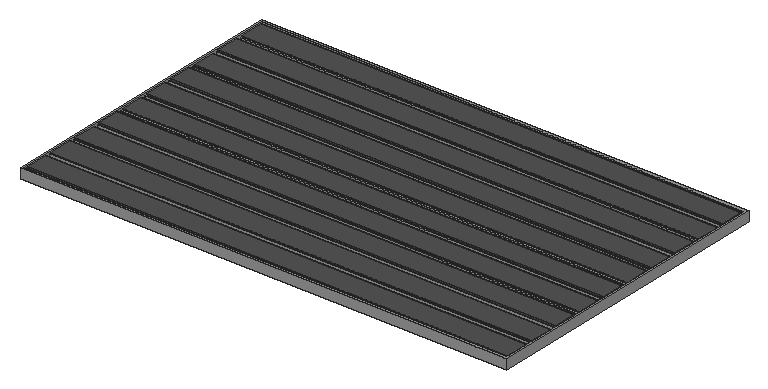
Revit family "Flooring_Entrance-Flooring_emco_DIPLOMAT-Premium", category Furniture Systems, host Face, Revit 2018
Family settings
  Host = Face
  Round Connector Dimension = Use Diameter
  Part Type = Normal
  OmniClass Number = 23.15.17.11.11
  OmniClass Title = Floor Toppings
  Cut with Voids When Loaded = No
  Shared = No
  Room Calculation Point = No
Parameters (values of type "Default - please load Revit Family Type Catalog")
  z_slot_width = if(Scraping edge, 15 mm, if(Brush strip, 19.5 mm, 5 mm))  # 5 mm
  z_slot_offest = z_insert_width + z_slot_width / 2  # 46.5 mm
  z_slot_no [instance] = z_insert_no - 1  # 9
  z_length_param [instance] = z_insert_no * z_insert_offset - z_insert_offset + z_insert_width + 10 mm  # 495 mm
  z_insert_length [instance] = Width - 10 mm  # 790 mm
  z_insert_width = if(Large, 44 mm, 27.5 mm)  # 44 mm
  z_insert_offset = z_insert_width + z_slot_width  # 49 mm
  z_insert_no [instance] = rounddown((Length - 10 mm - z_insert_width) / z_insert_offset) + 1  # 10
  z_edge_height = if(Height 12, 15.5 mm, if(Height 17, 20 mm, 25 mm))  # 15.5 mm
  z_Height = if(Height 12, 12 mm, if(Height 17, 17 mm, 22 mm))  # 12 mm
  Width [instance] = 800 mm
  Weight (kg/m2) = 8.9
  Version = 1
  URL = "https://www.emco-bau.com/en/"
  Tread surface = "The robust and exceptionally abrasion-resistant Care insert for the effective reduction of fine dirt."
  Standard profile clearance approx. (mm) = "5 mm, rubber spacers"  # constant formula
  Slip resistance = "R 12 slip resistance as per DIN 51130"
  Scraping edge = no
  Profile width (mm) = "44 mm"
  Profile Material = Emco - Metal - Aluminium
  Product data url = "https://bimobject.com/emco-bautechnik-gmbh/product/emco-diplomat-premium"
  Product Material info [instance] = "Please choose the material from Emco material library according to the selected type."  # constant formula
  Product Material [instance] = Emco - Fabric - Care - 47.01 Anthracite
  Pile material = "100% PA 6 (polyamide)"
  Normal = not(Large)  # no
  Model = "Large With Care insert 512 PL Care"
  Manufacturer = "Emco"  # constant formula
  Length [instance] = 500 mm
  Large = yes
  Keynote = "12480.A1"
  Height 22 = no
  Height 17 = no
  Height 12 = yes
  Flammability = "Fire classification for the complete mat system Cfl-s1 in accordance with EN 13501"
  EPIMID = "99836"
  Description = "Rollable and hard-wearing original entrance mat with standard insert for supported installation options."  # constant formula
  Default Elevation = 1219.2 mm
  Date Updated = "2023/08/22"  # constant formula
  Date Created = "2023/08/22"  # constant formula
  Colour fastness to water ISO 105 E01 = "good 4-5"
  Colour fastness to rubbing ISO 105 X12 = "good 4-5"
  Colour fastness to artificial light ISO 105-B02 = "good 5-6"
  Brush strip Colour Info [instance] = "Black or Gray"  # constant formula
  Brush strip Colour [instance] = Emco - Brush - Black
  Brush strip = no
  Assembly Code = "E2010400"
Reference planes
  plane 1 "Center (Front/Back)": y = 0
  plane 2: z = 0
  plane 3 "Center (Left/Right)": x = 0
  plane 4: y = -247.5
  plane 5: y = 247.5
  plane 6: y = 250
  plane 7: y = -250
  plane 8: x = -400
  plane 9: x = 400
  plane 10: z = -12.5
  plane 11: y = -242.5
  plane 12: z = -15.5
  plane 13: y = -196
Forms (mm)
  Extrusion 1, void
    sketch origin (0, 0, 0) x (1, 0, 0) y (0, 1, 0)
      loop
        line (-400, -247.5) -> (400, -247.5) -> (400, 247.5) -> (-400, 247.5) -> (-400, -247.5)
    from -15.5 to 0
  Sweep 2, solid, material "Emco - Metal - Aluminium" <- "Profile Material"
    path origin (0, 0, 0) x (1, 0, 0) y (0, 1, 0)
      loop
        line (-400, 247.5) -> (-400, -247.5) -> (400, -247.5) -> (400, 247.5) -> (-400, 247.5)
    profile origin (0, 247.5, 0) x (0, 1, 0) y (0, 0, 1)
      loop
        line (-16.883, -12.5) -> (-16.883, -15.5) -> (0, -15.5) -> (0, 0) -> (-3.039, 0) -> (-3.039, -12.5) -> (-16.883, -12.5)
Lines and regions (mm)
  Masking region 1
    outline origin (0, 0, 0) x (1, 0, 0) y (0, 1, 0)
      loop
        line (-400, -247.5) -> (400, -247.5) -> (400, 247.5) -> (-400, 247.5) -> (-400, -247.5)
      loop
        line (-395, 242.5) -> (-395, -242.5) -> (395, -242.5) -> (395, 242.5) -> (-395, 242.5)
  reference lines
    curve 1: line (0, 0, -15.5) -> (0, 0, 4.5)
Dimensions and locks
  equal spacing: plane 5, plane 1 "Center (Front/Back)", plane 4
  "z_length_param": plane 5 to plane 4
  equal spacing: plane 6, plane 1 "Center (Front/Back)", plane 7
  "Length": plane 6 to plane 7
  equal spacing: plane 8, plane 3 "Center (Left/Right)", plane 9
  "Width": plane 8 to plane 9
  locked: plane 10 to Sweep 2 sketch curve at 3
  "z_edge_height": Sweep 2 sketch curve to Sweep 2 sketch curve
  locked: Sweep 2 sketch curve to profile plane at 3.039
  locked: plane 11 to plane 4 at 5
  locked: plane 12 to plane 10 at 3
  "z_edge_height": level to plane 12
  "z_slot_offest": plane 13 to plane 11
  equal spacing: group 2, group 3, group 4, group 5, group 6, group 7, group 8, group 9, group 10  (x3)
  "z_insert_offset": nested 3 to plane 13
  locked: nested 1 to plane 4 at 5
  locked: plane 8 to Masking region 1 sketch curve at 5
  locked: plane 5 to Masking region 1 sketch curve at 5
  locked: Masking region 1 sketch curve to plane 9 at 5
  equal spacing: group 1, group 11, group 12, group 13, group 14, group 15, group 16, group 17, group 18, group 19  (x3)
  "z_insert_offset": plane 11 to nested 11
  aligned and locked: plane 2 to host face
  aligned and locked: level to host face
  aligned and locked: Extrusion 1 sketch curve to plane 4
  aligned and locked: Extrusion 1 sketch curve to plane 8
  aligned and locked: plane 5 to Extrusion 1 sketch curve
  aligned and locked: plane 9 to Extrusion 1 sketch curve
  aligned and locked: Sweep 2 sketch curve to plane 5
  aligned and locked: plane 8 to Sweep 2 sketch curve
  aligned and locked: plane 4 to Sweep 2 sketch curve
  aligned and locked: Sweep 2 sketch curve to plane 9
  aligned and locked: plane 10 to Sweep 2 sketch curve
  aligned and locked: Sweep 2 sketch curve to profile plane
  aligned and locked: nested 1 to plane 11
  aligned and locked: Extrusion 1 to Sweep 2
  aligned and locked: nested 2 to plane 13
  aligned and locked: nested 2 to plane 10
  aligned and locked: nested 3 to plane 10
  aligned and locked: Masking region 1 sketch curve to Sweep 2  (x4)
  aligned and locked: nested 1 to plane 10  (x2)
  aligned and locked: nested 11 to plane 10
Automatic sketch dimensions
  host sketch curve to host sketch curve = 2438.4 mm  (x2)
  Masking region 1 sketch curve to plane 11 = 0 mm
  curve 1 to plane 1 "Center (Front/Back)" = 0 mm
  plane 12 to curve 1 = 0 mm
  level to curve 1 = 4.5 mm
  Sweep 2 sketch curve to Sweep 2 sketch curve = 13.844 mm
Nested families
  nested 1: "Insert Diplomat" at (0, -242.5, -12.5), type "Insert"
    with z_offest 5.9 mm, Insert width 790 mm, Normal no, Large yes, Insert height 12 mm
  nested 2: "Insert additional" at (0, -196, -12.5), type "Insert"
    with Insert width 5 mm, None yes, Insert length 790 mm, Brush strip no
  nested 3: "Insert additional" at (0, -147, -12.5), type "Insert"
    with Insert width 5 mm, None yes, Insert length 790 mm, Brush strip no
  nested 4: "Insert additional" at (0, -98, -12.5), type "Insert"
    with Insert width 5 mm, None yes, Insert length 790 mm, Brush strip no
  nested 5: "Insert additional" at (0, -49, -12.5), type "Insert"
    with Insert width 5 mm, None yes, Insert length 790 mm, Brush strip no
  nested 6: "Insert additional" at (0, 0, -12.5), type "Insert"
    with Insert width 5 mm, None yes, Insert length 790 mm, Brush strip no
  nested 7: "Insert additional" at (0, 49, -12.5), type "Insert"
    with Insert width 5 mm, None yes, Insert length 790 mm, Brush strip no
  nested 8: "Insert additional" at (0, 98, -12.5), type "Insert"
    with Insert width 5 mm, None yes, Insert length 790 mm, Brush strip no
  nested 9: "Insert additional" at (0, 147, -12.5), type "Insert"
    with Insert width 5 mm, None yes, Insert length 790 mm, Brush strip no
  nested 10: "Insert additional" at (0, 196, -12.5), type "Insert"
    with Insert width 5 mm, None yes, Insert length 790 mm, Brush strip no
  nested 11: "Insert Diplomat" at (0, -193.5, -12.5), type "Insert"
    with z_offest 5.9 mm, Insert width 790 mm, Normal no, Large yes, Insert height 12 mm
  nested 12: "Insert Diplomat" at (0, -144.5, -12.5), type "Insert"
    with z_offest 5.9 mm, Insert width 790 mm, Normal no, Large yes, Insert height 12 mm
  nested 13: "Insert Diplomat" at (0, -95.5, -12.5), type "Insert"
    with z_offest 5.9 mm, Insert width 790 mm, Normal no, Large yes, Insert height 12 mm
  nested 14: "Insert Diplomat" at (0, -46.5, -12.5), type "Insert"
    with z_offest 5.9 mm, Insert width 790 mm, Normal no, Large yes, Insert height 12 mm
  nested 15: "Insert Diplomat" at (0, 2.5, -12.5), type "Insert"
    with z_offest 5.9 mm, Insert width 790 mm, Normal no, Large yes, Insert height 12 mm
  nested 16: "Insert Diplomat" at (0, 51.5, -12.5), type "Insert"
    with z_offest 5.9 mm, Insert width 790 mm, Normal no, Large yes, Insert height 12 mm
  nested 17: "Insert Diplomat" at (0, 100.5, -12.5), type "Insert"
    with z_offest 5.9 mm, Insert width 790 mm, Normal no, Large yes, Insert height 12 mm
  nested 18: "Insert Diplomat" at (0, 149.5, -12.5), type "Insert"
    with z_offest 5.9 mm, Insert width 790 mm, Normal no, Large yes, Insert height 12 mm
  nested 19: "Insert Diplomat" at (0, 198.5, -12.5), type "Insert"
    with z_offest 5.9 mm, Insert width 790 mm, Normal no, Large yes, Insert height 12 mm
Definition of nested family "Insert Diplomat"
  Parameters (values of type "Insert")
    z_offest = if(Insert height < 17 mm, 5.9 mm, if(Insert height > 17 mm, 7.7 mm, 7.8 mm))  # 7.7 mm
    Insert width = 670 mm
    Profile material = none
    Normal = yes
    Mat material = none
    Large = no
    Insert height = 22 mm
    Default Elevation = 1219.2 mm
  Reference planes
    plane 1 "Center (Front/Back)": y = 0
    plane 2: z = 0
    plane 3 "Center (Left/Right)": x = 0
    plane 4: x = -335
    plane 5: x = 335
    plane 6: z = 22
    plane 7: z = 14.3
  Forms (mm)
    Extrusion 1, solid, material <- "Profile material", visible <- "Normal", detail levels fine
      sketch origin (0, 13.75, 0) x (0, 1, 0) y (0, 0, 1)
        loop
          line (-13.75, 1) -> (13.75, 1) -> (13.75, 18.8) -> (10.75, 18.8) -> (10.75, 17.8) -> (12.75, 17.8) -> (12.75, 14.3) -> (3.05, 14.3) -> (3.05, 13.3) -> (12.75, 13.3) -> (12.75, 2) -> (-12.75, 2) -> (-12.75, 13.3) -> (-3.05, 13.3) -> (-3.05, 14.3) -> (-12.75, 14.3) -> (-12.75, 17.8) -> (-10.75, 17.8) -> (-10.75, 18.8) -> (-13.75, 18.8) -> (-13.75, 1)
      from -335 to 335
    Extrusion 2, solid, visible <- "Normal", detail levels fine
      sketch origin (0, 13.75, 0) x (0, 1, 0) y (0, 0, 1)
        loop
          line (-11.5, 0) -> (11.5, 0) -> (11.5, 1) -> (-11.5, 1) -> (-11.5, 0)
      from -335 to 335
    Extrusion 3, solid, material <- "Profile material", visible <- "Normal", detail levels coarse+medium
      sketch origin (0, 13.75, 0) x (0, 1, 0) y (0, 0, 1)
        loop
          line (-13.75, 0) -> (13.75, 0) -> (13.75, 22) -> (-13.75, 22) -> (-13.75, 0)
      from -335 to 335
    Extrusion 4, solid, material <- "Mat material", visible <- "Normal", detail levels fine
      sketch origin (0, 13.75, 0) x (0, 1, 0) y (0, 0, 1)
        loop
          line (-10.5, 22) -> (-10.5, 14.3) -> (10.5, 14.3) -> (10.5, 22) -> (-10.5, 22)
      from -335 to 335
    Extrusion 5, solid, material <- "Profile material", visible <- "Large", detail levels fine
      sketch origin (0, 22, 0) x (0, 1, 0) y (0, 0, 1)
        loop
          line (-22, 1) -> (22, 1) -> (22, 18.8) -> (19, 18.8) -> (19, 17.8) -> (21, 17.8) -> (21, 14.3) -> (13.8, 14.3) -> (13.8, 13.3) -> (21, 13.3) -> (21, 2) -> (0.5, 2) -> (0.5, 13.3) -> (7.7, 13.3) -> (7.7, 14.3) -> (-7.7, 14.3) -> (-7.7, 13.3) -> (-0.5, 13.3) -> (-0.5, 2) -> (-21, 2) -> (-21, 13.3) -> (-13.8, 13.3) -> (-13.8, 14.3) -> (-21, 14.3) -> (-21, 17.8) -> (-19, 17.8) -> (-19, 18.8) -> (-22, 18.8) -> (-22, 1)
      from -335 to 335
    Extrusion 6, solid, visible <- "Large", detail levels fine
      sketch origin (0, 22, 0) x (0, 1, 0) y (0, 0, 1)
        loop
          line (-20, 0) -> (20, 0) -> (20, 1) -> (-20, 1) -> (-20, 0)
      from -335 to 335
    Extrusion 7, solid, material <- "Profile material", visible <- "Large", detail levels coarse+medium
      sketch origin (0, 22, 0) x (0, 1, 0) y (0, 0, 1)
        loop
          line (-22, 0) -> (22, 0) -> (22, 22) -> (-22, 22) -> (-22, 0)
      from -335 to 335
    Extrusion 8, solid, material <- "Mat material", visible <- "Large", detail levels fine
      sketch origin (0, 22, 0) x (0, 1, 0) y (0, 0, 1)
        loop
          line (-18.75, 22) -> (-18.75, 14.3) -> (18.75, 14.3) -> (18.75, 22) -> (-18.75, 22)
      from -335 to 335
  Lines and regions (mm)
    Masking region 1, visible <- "Large"
      outline origin (0, 0, 0) x (1, 0, 0) y (0, 1, 0)
        loop
          line (-335, 0) -> (335, 0) -> (335, 44) -> (-335, 44) -> (-335, 0)
    Masking region 2, visible <- "Normal"
      outline origin (0, 0, 0) x (1, 0, 0) y (0, 1, 0)
        loop
          line (-335, 0) -> (335, 0) -> (335, 27.5) -> (-335, 27.5) -> (-335, 0)
    symbolic lines, visible <- "Normal", detail levels fine
      curve 1: line (-335, 24.25, 0) -> (335, 24.25, 0)
    symbolic lines, detail levels fine
      curve 2: line (335, 3.25, 0) -> (-335, 3.25, 0)
    symbolic lines, visible <- "Large", detail levels fine
      curve 3: line (-335, 40.75, 0) -> (335, 40.75, 0)
  Dimensions and locks
    equal spacing: plane 4, plane 3 "Center (Left/Right)", plane 5
    "Insert width": plane 4 to plane 5
    "Insert height": plane 6 to level
    "z_offest": plane 6 to plane 7
    locked: plane 7 to Extrusion 5 sketch curve at 1  (x3)
    locked: Extrusion 5 sketch curve to plane 7 at 1
    Extrusion 5 sketch curve to Extrusion 5 sketch curve to Extrusion 5 sketch curve to level = 0 mm locked, 1 mm locked, 1 mm locked
    locked: plane 7 to Extrusion 1 sketch curve at 1  (x2)
    Extrusion 1 sketch curve to Extrusion 1 sketch curve to level = 1 mm locked, 1 mm locked
    locked: Extrusion 2 sketch curve to level at 1
    locked: Extrusion 6 sketch curve to level at 1
    Extrusion 5 sketch curve to Extrusion 5 sketch curve to plane 7 = 1 mm locked, 3.5 mm locked  (x2)
    Extrusion 1 sketch curve to Extrusion 1 sketch curve to plane 7 = 1 mm locked, 3.5 mm locked  (x2)
    aligned and locked: level to plane 2
    aligned and locked: Extrusion 8 to plane 4
    aligned and locked: Extrusion 7 to plane 4
    aligned and locked: Extrusion 4 to plane 4
    aligned and locked: Extrusion 3 to plane 4
    aligned and locked: Extrusion 5 to plane 4
    aligned and locked: Extrusion 1 to plane 4
    aligned and locked: Extrusion 6 to plane 4
    aligned and locked: Extrusion 2 to plane 4
    aligned and locked: plane 5 to Extrusion 8
    aligned and locked: plane 5 to Extrusion 7
    aligned and locked: plane 5 to Extrusion 3
    aligned and locked: plane 5 to Extrusion 4
    aligned and locked: plane 5 to Extrusion 5
    aligned and locked: plane 5 to Extrusion 1
    aligned and locked: plane 5 to Extrusion 6
    aligned and locked: plane 5 to Extrusion 2
    aligned and locked: Extrusion 7 sketch curve to level
    aligned and locked: plane 6 to Extrusion 7 sketch curve
    aligned and locked: plane 6 to Extrusion 3 sketch curve
    aligned and locked: Extrusion 3 sketch curve to level
    aligned and locked: plane 7 to Extrusion 4 sketch curve
    aligned and locked: Extrusion 4 sketch curve to plane 6
    aligned and locked: plane 7 to Extrusion 8 sketch curve
    aligned and locked: Extrusion 8 sketch curve to plane 6
    aligned and locked: plane 7 to Extrusion 5 sketch curve
    aligned and locked: Extrusion 5 sketch curve to plane 7  (x2)
    aligned and locked: plane 7 to Extrusion 1 sketch curve
    aligned and locked: Extrusion 1 sketch curve to plane 7
    aligned and locked: Masking region 1 sketch curve to Extrusion 7  (x2)
    aligned and locked: Masking region 2 sketch curve to Extrusion 3  (x2)
  Automatic sketch dimensions
    Extrusion 1 sketch curve to plane 1 "Center (Front/Back)" = 0 mm
    Extrusion 1 sketch curve to Extrusion 1 sketch curve = 1 mm  (x2)
    Extrusion 1 sketch curve to Extrusion 1 sketch curve = 0 mm  (x2)
    Extrusion 1 sketch curve to Extrusion 1 sketch curve = 2 mm  (x2)
    Extrusion 1 sketch curve to plane 1 "Center (Front/Back)" = 10.7 mm
    Extrusion 1 sketch curve to plane 1 "Center (Front/Back)" = 16.8 mm
    Extrusion 1 sketch curve to Extrusion 1 sketch curve = 7.7 mm
    Extrusion 2 sketch curve to level = 0 mm
    Extrusion 2 sketch curve to plane 1 "Center (Front/Back)" = 2.25 mm
    Extrusion 2 sketch curve to plane 1 "Center (Front/Back)" = 25.25 mm
    Extrusion 6 sketch curve to level = 0 mm
    Extrusion 6 sketch curve to plane 1 "Center (Front/Back)" = 2 mm
    Extrusion 6 sketch curve to plane 1 "Center (Front/Back)" = 42 mm
    plane 1 "Center (Front/Back)" to Extrusion 7 sketch curve = 0 mm
    Extrusion 7 sketch curve to plane 1 "Center (Front/Back)" = 44 mm
    Extrusion 3 sketch curve to plane 1 "Center (Front/Back)" = 0 mm
    Extrusion 3 sketch curve to plane 1 "Center (Front/Back)" = 27.5 mm
    Extrusion 4 sketch curve to plane 1 "Center (Front/Back)" = 3.25 mm
    Extrusion 4 sketch curve to plane 1 "Center (Front/Back)" = 24.25 mm
    Extrusion 8 sketch curve to plane 1 "Center (Front/Back)" = 3.25 mm
    Extrusion 8 sketch curve to plane 1 "Center (Front/Back)" = 40.75 mm
    plane 1 "Center (Front/Back)" to Extrusion 5 sketch curve = 0 mm
    Extrusion 5 sketch curve to Extrusion 5 sketch curve = 1 mm  (x3)
    Extrusion 5 sketch curve to Extrusion 5 sketch curve = 2 mm  (x2)
    Extrusion 5 sketch curve to Extrusion 5 sketch curve = 5.2 mm  (x2)
    Extrusion 5 sketch curve to Extrusion 5 sketch curve = 6.1 mm  (x2)
    Extrusion 5 sketch curve to plane 1 "Center (Front/Back)" = 21.5 mm
    Extrusion 5 sketch curve to plane 1 "Center (Front/Back)" = 22.5 mm
    Extrusion 5 sketch curve to Extrusion 5 sketch curve = 7.2 mm  (x2)
    plane 1 "Center (Front/Back)" to Masking region 1 sketch curve = 0 mm
    Masking region 1 sketch curve to plane 1 "Center (Front/Back)" = 44 mm
    plane 1 "Center (Front/Back)" to Masking region 2 sketch curve = 0 mm
    Masking region 2 sketch curve to plane 1 "Center (Front/Back)" = 27.5 mm
    curve 3 to plane 4 = 0 mm
    curve 2 to plane 4 = 0 mm
    curve 1 to plane 4 = 0 mm
    curve 2 to plane 5 = 0 mm
    curve 3 to plane 5 = 0 mm
    curve 1 to plane 5 = 0 mm
    curve 2 to plane 1 "Center (Front/Back)" = 3.25 mm
    curve 2 to curve 1 = 21 mm
    curve 1 to curve 3 = 16.5 mm
Definition of nested family "Insert additional"
  Parameters (values of type "Insert")
    z_offest = if(Insert height < 17 mm, 4.5 mm, if(Insert height > 17 mm, 10.6 mm, 7.8 mm))  # 4.5 mm
    Insert width = 19.003 mm
    Scraping_edge_17/22 = and(or(Insert height = 17 mm, Insert height = 22 mm), Scraping edge)  # no
    Scraping_edge_12 = and(Insert height = 12 mm, Scraping edge)  # no
    Scraping edge = no
    None = not(or(Brush strip, Scraping edge))  # no
    Insert length = 800 mm
    Profile material = none
    Insert height = 12 mm
    Brush strip material = none
    Brush strip = yes
  Reference planes
    plane 1 "Center (Front/Back)": y = 0
    plane 2: z = 0
    plane 3 "Center (Left/Right)": x = 0
    plane 4: x = -400
    plane 5: x = 400
    plane 6: z = 12
    plane 7: z = 7.5
    plane 8: y = -9.502
    plane 9: y = 9.502
  Forms (mm)
    Extrusion 1, solid, material <- "Profile material", visible <- "Brush strip", detail levels fine
      sketch origin (0, 0, 0) x (0, 1, 0) y (0, 0, 1)
        loop
          line (-4.75, 1) -> (4.75, 1) -> (4.75, 8.3)
          arc (4.75, 8.3) -> (4.369, 9.219) -> (3.45, 9.6) r 1.3
          line (3.45, 9.6) -> (2.1, 9.6) -> (2.1, 8.6) -> (3.75, 8.6) -> (3.75, 5.6) -> (-3.75, 5.6) -> (-3.75, 8.6) -> (-2.1, 8.6) -> (-2.1, 9.6) -> (-3.45, 9.6)
          arc (-3.45, 9.6) -> (-4.369, 9.219) -> (-4.75, 8.3) r 1.3
          line (-4.75, 8.3) -> (-4.75, 1)
        loop
          line (3.75, 4.6) -> (-3.75, 4.6) -> (-3.75, 2.4) -> (3.75, 2.4) -> (3.75, 4.6)
      from -400 to 400
    Extrusion 2, solid, material <- "Profile material", visible <- "Brush strip", detail levels coarse+medium
      sketch origin (0, 0, 0) x (0, 1, 0) y (0, 0, 1)
        loop
          line (-4.75, 1) -> (4.75, 1) -> (4.75, 12) -> (-4.75, 12) -> (-4.75, 1)
      from -400 to 400
    Extrusion 3, solid, material <- "Brush strip material", visible <- "Brush strip", detail levels fine
      sketch origin (0, 0, 0) x (0, 1, 0) y (0, 0, 1)
        loop
          line (-2, 12) -> (-2, 7.5) -> (2, 7.5) -> (2, 12) -> (-2, 12)
      from -400 to 400
    Extrusion 4, solid, visible <- "Brush strip"
      sketch origin (0, 0, 0) x (0, 1, 0) y (0, 0, 1)
        loop
          line (-9.502, 1.25) -> (-4.75, 1.25) -> (-4.75, 7.5) -> (-9.502, 7.5) -> (-9.502, 1.25)
        loop
          line (4.75, 1.25) -> (9.502, 1.25) -> (9.502, 7.5) -> (4.75, 7.5) -> (4.75, 1.25)
      from -400 to 400
    Extrusion 5, solid, visible <- "None"
      sketch origin (0, 0, 0) x (0, 1, 0) y (0, 0, 1)
        loop
          line (-2.5, 1.25) -> (2.5, 1.25) -> (2.5, 7.5) -> (-2.5, 7.5) -> (-2.5, 1.25)
      from -400 to 400
    Extrusion 6, solid, material <- "Profile material", visible <- "Scraping_edge_17/22"
      sketch origin (0, 0, 0) x (0, 1, 0) y (0, 0, 1)
        loop
          line (-1.5, 1) -> (1.5, 1) -> (1.5, 4.831)
          arc (1.5, 4.831) -> (1.894, 6.584) -> (3, 8) r 4.097
          line (3, 8) -> (3, 10) -> (2, 11) -> (0, 9) -> (-2, 11) -> (-3, 10) -> (-3, 8)
          arc (-3, 8) -> (-1.894, 6.584) -> (-1.5, 4.831) r 4.097
          line (-1.5, 4.831) -> (-1.5, 1)
      from -400 to 400
    Extrusion 7, solid, visible <- "Scraping edge"
      sketch origin (0, 0, 0) x (0, 1, 0) y (0, 0, 1)
        loop
          line (-9.502, 1.25) -> (-1.5, 1.25) -> (-1.5, 7.5) -> (-9.502, 7.5) -> (-9.502, 1.25)
        loop
          line (1.5, 1.25) -> (9.502, 1.25) -> (9.502, 7.5) -> (1.5, 7.5) -> (1.5, 1.25)
      from -400 to 400
    Extrusion 8, solid, material <- "Profile material", visible <- "Scraping_edge_12"
      sketch origin (0, 0, 0) x (0, 1, 0) y (0, 0, 1)
        loop
          line (-1.5, 1) -> (1.5, 1) -> (1.5, 8.5) -> (2.482, 9.732) -> (2, 11.5) -> (1, 10.5) -> (0, 11.5) -> (-1, 10.5) -> (-2, 11.5) -> (-2.482, 9.732) -> (-1.5, 8.5) -> (-1.5, 1)
      from -400 to 400
  Lines and regions (mm)
    Masking region 1
      outline origin (0, 0, 0) x (1, 0, 0) y (0, 1, 0)
        loop
          line (-400, -9.502) -> (400, -9.502) -> (400, 9.502) -> (-400, 9.502) -> (-400, -9.502)
    reference lines
      curve 1: line (0, -9.502, 0) -> (0, 9.502, 0)
    symbolic lines, visible <- "Brush strip", detail levels fine
      curve 2: line (-400, 4.75, 0) -> (400, 4.75, 0)
      curve 3: line (400, -4.75, 0) -> (-400, -4.75, 0)
      curve 4: line (-400, -2, 0) -> (400, -2, 0)
      curve 5: line (400, 2, 0) -> (-400, 2, 0)
    symbolic lines, visible <- "Scraping edge", detail levels fine
      curve 6: line (-400, 2.482, 0) -> (400, 2.482, 0)
      curve 7: line (400, -2.482, 0) -> (-400, -2.482, 0)
      curve 8: line (-400, 0, 0) -> (400, 0, 0)
  Dimensions and locks
    equal spacing: plane 4, plane 3 "Center (Left/Right)", plane 5
    "Insert length": plane 4 to plane 5
    "Insert height": plane 6 to level
    "z_offest": plane 6 to plane 7
    locked: Extrusion 2 sketch curve to level at 1
    plane 6 to Extrusion 6 sketch curve to Extrusion 6 sketch curve to Extrusion 6 sketch curve to Extrusion 6 sketch curve to Extrusion 6 sketch curve to Extrusion 6 sketch curve to Extrusion 6 sketch curve = 1 mm locked, 0 mm locked, 1 mm locked, 0 mm locked, 1 mm locked, 1 mm locked, 0 mm locked
    Extrusion 1 sketch curve to Extrusion 1 sketch curve to level = 1.4 mm locked, 1 mm locked
    plane 7 to Extrusion 1 sketch curve to Extrusion 1 sketch curve = 1.9 mm locked, 1 mm locked
    plane 6 to Extrusion 1 sketch curve to Extrusion 1 sketch curve to Extrusion 1 sketch curve to Extrusion 1 sketch curve = 2.4 mm locked, 0 mm locked, 1 mm locked, 0 mm locked
    Extrusion 4 sketch curve to Extrusion 4 sketch curve to level = 0 mm locked, 1.25 mm locked
    Extrusion 7 sketch curve to Extrusion 7 sketch curve to level = 0 mm locked, 1.25 mm locked
    locked: Extrusion 5 sketch curve to level at 1.25
    Extrusion 6 sketch curve to plane 1 "Center (Front/Back)" to Extrusion 6 sketch curve = 3 mm locked, 3 mm locked
    Extrusion 6 sketch curve to plane 1 "Center (Front/Back)" to Extrusion 6 sketch curve = 1.5 mm locked, 1.5 mm locked
    plane 6 to Extrusion 6 sketch curve to Extrusion 6 sketch curve = 7.169 mm locked, 0 mm locked
    Extrusion 8 sketch curve to Extrusion 8 sketch curve to Extrusion 8 sketch curve to Extrusion 8 sketch curve to Extrusion 8 sketch curve to Extrusion 8 sketch curve to Extrusion 8 sketch curve to Extrusion 8 sketch curve to Extrusion 8 sketch curve to Extrusion 8 sketch curve to level = 0 mm locked, 0 mm locked, 1 mm locked, 0 mm locked, 0.768 mm locked, 0 mm locked, 1.232 mm locked, 0 mm locked, 7.5 mm locked, 1 mm locked
    Extrusion 8 sketch curve to plane 1 "Center (Front/Back)" to Extrusion 8 sketch curve = 1.5 mm locked, 1.5 mm locked
    Extrusion 8 sketch curve to Extrusion 8 sketch curve to Extrusion 8 sketch curve to plane 1 "Center (Front/Back)" to Extrusion 8 sketch curve to Extrusion 8 sketch curve to Extrusion 8 sketch curve = 0.482 mm locked, 1 mm locked, 1 mm locked, 1 mm locked, 1 mm locked, 0.482 mm locked
    equal spacing: plane 8, plane 1 "Center (Front/Back)", plane 9
    "Insert width": plane 8 to plane 9
    Extrusion 7 sketch curve to plane 1 "Center (Front/Back)" to Extrusion 7 sketch curve = 1.5 mm locked, 1.5 mm locked
    locked: Extrusion 6 sketch curve to level at 1
    aligned and locked: level to plane 2
    aligned and locked: Extrusion 3 to plane 4
    aligned and locked: Extrusion 2 to plane 4
    aligned and locked: Extrusion 1 to plane 4
    aligned and locked: plane 5 to Extrusion 3
    aligned and locked: plane 5 to Extrusion 2
    aligned and locked: plane 5 to Extrusion 1
    aligned and locked: plane 6 to Extrusion 2 sketch curve
    aligned and locked: plane 7 to Extrusion 3 sketch curve
    aligned and locked: Extrusion 3 sketch curve to plane 6
    aligned and locked: plane 7 to Extrusion 4 sketch curve
    aligned and locked: Extrusion 4 to plane 4
    aligned and locked: plane 5 to Extrusion 4
    aligned and locked: plane 7 to Extrusion 5 sketch curve
    aligned and locked: plane 5 to Extrusion 5
    aligned and locked: Extrusion 5 to plane 4
    aligned and locked: plane 7 to Extrusion 7 sketch curve  (x2)
    aligned and locked: plane 1 "Center (Front/Back)" to Extrusion 8 sketch curve
    aligned and locked: plane 8 to Extrusion 7 sketch curve
    aligned and locked: plane 9 to Extrusion 7 sketch curve
    aligned and locked: curve 1 to level
    aligned and locked: Extrusion 7 to plane 4
    aligned and locked: Extrusion 6 to plane 4
    aligned and locked: Extrusion 8 to plane 4
    aligned and locked: plane 5 to Extrusion 7
    aligned and locked: plane 5 to Extrusion 6
    aligned and locked: plane 5 to Extrusion 8
    aligned and locked: plane 9 to Extrusion 4 sketch curve
    aligned and locked: plane 8 to Extrusion 4 sketch curve
    aligned and locked: Masking region 1 sketch curve to Extrusion 4  (x4)
  Automatic sketch dimensions
    plane 1 "Center (Front/Back)" to Extrusion 1 sketch curve = 3.75 mm
    Extrusion 1 sketch curve to Extrusion 1 sketch curve = 1 mm  (x2)
    Extrusion 1 sketch curve to Extrusion 1 sketch curve = 0.3 mm  (x3)
    Extrusion 1 sketch curve to Extrusion 1 sketch curve = 1.35 mm  (x2)
    Extrusion 1 sketch curve to plane 1 "Center (Front/Back)" = 2.1 mm
    Extrusion 1 sketch curve to plane 1 "Center (Front/Back)" = 3.75 mm
    plane 1 "Center (Front/Back)" to Extrusion 3 sketch curve = 2 mm
    Extrusion 3 sketch curve to plane 1 "Center (Front/Back)" = 2 mm
    plane 1 "Center (Front/Back)" to Extrusion 2 sketch curve = 4.75 mm
    Extrusion 2 sketch curve to plane 1 "Center (Front/Back)" = 4.75 mm
    Extrusion 6 sketch curve to plane 1 "Center (Front/Back)" = 0 mm
    curve 1 to plane 8 = 0 mm
    curve 1 to plane 9 = 0 mm
    Extrusion 4 sketch curve to plane 7 = 0 mm
    plane 1 "Center (Front/Back)" to Extrusion 4 sketch curve = 4.75 mm
    Extrusion 4 sketch curve to plane 1 "Center (Front/Back)" = 4.75 mm
    curve 2 to plane 4 = 0 mm
    plane 1 "Center (Front/Back)" to curve 8 = 0 mm
    curve 8 to plane 4 = 0 mm
    curve 7 to plane 4 = 0 mm
    curve 3 to plane 4 = 0 mm
    curve 4 to plane 4 = 0 mm
    curve 6 to plane 4 = 0 mm
    curve 5 to plane 4 = 0 mm
    curve 4 to plane 5 = 0 mm
    curve 6 to plane 5 = 0 mm
    curve 7 to plane 5 = 0 mm
    curve 3 to plane 5 = 0 mm
    curve 2 to plane 5 = 0 mm
    curve 8 to plane 5 = 0 mm
    curve 5 to plane 5 = 0 mm
    plane 1 "Center (Front/Back)" to curve 4 = 2 mm
    curve 7 to curve 4 = 0.482 mm
    curve 3 to curve 7 = 2.268 mm
    curve 5 to plane 1 "Center (Front/Back)" = 2 mm
    curve 5 to curve 6 = 0.482 mm
    curve 6 to curve 2 = 2.268 mm
    plane 1 "Center (Front/Back)" to Extrusion 5 sketch curve = 2.5 mm
    Extrusion 5 sketch curve to plane 1 "Center (Front/Back)" = 2.5 mm
Types in the file's own list only (99): name | z_slot_width | z_slot_offest | z_insert_width | z_insert_offset | z_edge_height | z_Height | Weight (kg/m2) | Tread surface | Slip resistance | Scraping edge | Profile width (mm) | Pile material | Normal | Model | Large | Height 22 | Height 17 | Height 12 | Flammability | EPIMID | Default Elevation | Colour fastness to water ISO 105 E01 | Colour fastness to rubbing ISO 105 X12 | Colour fastness to artificial light ISO 105-B02 | Brush strip
  Large With Care insert 512 PL Care | 5 mm | 47 mm | 44 mm | 49 mm | 16 mm | 12 mm | 8.9 | "The robust and exceptionally abrasion-resistant Care insert for the effective reduction of fine dirt." | "R 12 slip resistance as per DIN 51130" | No | "44 mm" | "100% PA 6 (polyamide)" | No | "Large With Care insert 512 PL Care" | Yes | No | No | Yes | "Fire classification for the complete mat system Cfl-s1 in accordance with EN 13501" | "99836" | 1219 mm | "good 4-5" | "good 4-5" | "good 5-6" | No
  Large With Care insert 517 PL Care | 5 mm | 47 mm | 44 mm | 49 mm | 20 mm | 17 mm | 95 | "The robust and exceptionally abrasion-resistant Care insert for the effective reduction of fine dirt." | "R 12 slip resistance as per DIN 51130" | No | "44 mm" | "100% PA 6 (polyamide)" | No | "Large With Care insert 517 PL Care" | Yes | No | Yes | No | "Fire classification for the complete mat system Cfl-s1 in accordance with EN 13501" | "99838" | 1219 mm | "good 4-5" | "good 4-5" | "good 5-6" | No
  Large With Care insert 522 PL Care | 5 mm | 47 mm | 44 mm | 49 mm | 25 mm | 22 mm | 10.5 | "The robust and exceptionally abrasion-resistant Care insert for the effective reduction of fine dirt." | "R 12 slip resistance as per DIN 51130" | No | "44 mm" | "100% PA 6 (polyamide)" | No | "Large With Care insert 522 PL Care" | Yes | Yes | No | No | "Fire classification for the complete mat system Cfl-s1 in accordance with EN 13501" | "99840" | 1219 mm | "good 4-5" | "good 4-5" | "good 5-6" | No
  Large With Care insert and brush strip 517 PL Care B | 20 mm | 54 mm | 44 mm | 64 mm | 20 mm | 17 mm | 9.6 | "The robust and exceptionally abrasion-resistant Care insert for the effective reduction of fine dirt. The additional profile increases the cleaning power." | "-" | No | "44 mm" | "100% PA 6 (polyamide)" | No | "Large With Care insert and brush strip 517 PL Care B" | Yes | No | Yes | No | "Insert with fire classification Cfl-s1 according to EN 13501." | "104455" | 1219 mm | "good 4-5" | "good 4-5" | "good 5-6" | Yes
  Large With Care insert and brush strip 522 PL Care B | 20 mm | 54 mm | 44 mm | 64 mm | 25 mm | 22 mm | 10.7 | "The robust and exceptionally abrasion-resistant Care insert for the effective reduction of fine dirt. The additional profile increases the cleaning power." | "-" | No | "44 mm" | "100% PA 6 (polyamide)" | No | "Large With Care insert and brush strip 522 PL Care B" | Yes | Yes | No | No | "Insert with fire classification Cfl-s1 according to EN 13501." | "104456" | 1219 mm | "good 4-5" | "good 4-5" | "good 5-6" | Yes
  Large With Care insert and scraping edge 512 PL Care K | 15 mm | 52 mm | 44 mm | 59 mm | 16 mm | 12 mm | 9.2 | "The robust and exceptionally abrasion-resistant Care insert for the effective reduction of fine dirt. The additional profile increases the cleaning power." | "-" | Yes | "44 mm" | "100% PA 6 (polyamide)" | No | "Large With Care insert and scraping edge 512 PL Care K" | Yes | No | No | Yes | "Insert with fire classification Cfl-s1 according to EN 13501." | "104450" | 1219 mm | "good 4-5" | "good 4-5" | "good 5-6" | No
  Large With Care insert and scraping edge 517 PL Care K | 15 mm | 52 mm | 44 mm | 59 mm | 20 mm | 17 mm | 13.5 | "The robust and exceptionally abrasion-resistant Care insert for the effective reduction of fine dirt. The additional profile increases the cleaning power." | "-" | Yes | "44 mm" | "100% PA 6 (polyamide)" | No | "Large With Care insert and scraping edge 517 PL Care K" | Yes | No | Yes | No | "Insert with fire classification Cfl-s1 according to EN 13501." | "104451" | 1219 mm | "good 4-5" | "good 4-5" | "good 5-6" | No
  Large With Care insert and scraping edge 522 PL Care K | 15 mm | 52 mm | 44 mm | 59 mm | 25 mm | 22 mm | 12 | "The robust and exceptionally abrasion-resistant Care insert for the effective reduction of fine dirt. The additional profile increases the cleaning power." | "-" | Yes | "44 mm" | "100% PA 6 (polyamide)" | No | "Large With Care insert and scraping edge 522 PL Care K" | Yes | Yes | No | No | "Insert with fire classification Cfl-s1 according to EN 13501." | "104452" | 1219 mm | "good 4-5" | "good 4-5" | "good 5-6" | No
  Large With Conform insert 512 PL Conform | 5 mm | 47 mm | 44 mm | 49 mm | 16 mm | 12 mm | 9.1 | "The Conform insert made of recycled materials is the perfect complement to wooden surroundings and can be used in a whole host of environments." | "R 12 slip resistance as per DIN 51130" | No | "44 mm" | "100% PA 6 (polyamide)" | No | "Large With Conform insert 512 PL Conform" | Yes | No | No | Yes | "Fire classification for the complete mat system Cfl-s1 in accordance with EN 13501" | "99859" | 1219 mm | "-" | "-" | "-" | No
  Large With Conform insert 517 PL Conform | 5 mm | 47 mm | 44 mm | 49 mm | 20 mm | 17 mm | 9.6 | "The Conform insert made of recycled materials is the perfect complement to wooden surroundings and can be used in a whole host of environments." | "R 12 slip resistance as per DIN 51130" | No | "44 mm" | "100% PA 6 (polyamide)" | No | "Large With Conform insert 517 PL Conform" | Yes | No | Yes | No | "Fire classification for the complete mat system Cfl-s1 in accordance with EN 13501" | "99863" | 1219 mm | "-" | "-" | "-" | No
  Large With Conform insert 522 PL Conform | 5 mm | 47 mm | 44 mm | 49 mm | 25 mm | 22 mm | 10.6 | "The Conform insert made of recycled materials is the perfect complement to wooden surroundings and can be used in a whole host of environments." | "R 12 slip resistance as per DIN 51130" | No | "44 mm" | "100% PA 6 (polyamide)" | No | "Large With Conform insert 522 PL Conform" | Yes | Yes | No | No | "Fire classification for the complete mat system Cfl-s1 in accordance with EN 13501" | "99867" | 1219 mm | "-" | "-" | "-" | No
  Large With Conform insert and brush strip 517 PL Conform B | 20 mm | 54 mm | 44 mm | 64 mm | 20 mm | 17 mm | 97 | "The Conform insert made of recycled materials is the perfect complement to wooden surroundings and can be used in a whole host of environments. The additional profile increases the cleaning power." | "-" | No | "44 mm" | "100% PA 6 (polyamide)" | No | "Large With Conform insert and brush strip 517 PL Conform B" | Yes | No | Yes | No | "Insert with fire classification Cfl-s1 according to EN 13501." | "105730" | 1219 mm | "-" | "-" | "-" | Yes
  Large With Conform insert and brush strip 522 PL Conform B | 20 mm | 54 mm | 44 mm | 64 mm | 25 mm | 22 mm | 10.8 | "The Conform insert made of recycled materials is the perfect complement to wooden surroundings and can be used in a whole host of environments. The additional profile increases the cleaning power." | "-" | No | "44 mm" | "100% PA 6 (polyamide)" | No | "Large With Conform insert and brush strip 522 PL Conform B" | Yes | Yes | No | No | "Insert with fire classification Cfl-s1 according to EN 13501." | "105731" | 1219 mm | "-" | "-" | "-" | Yes
  Large With Conform insert and scraping edge 512 PL Conform K | 15 mm | 52 mm | 44 mm | 59 mm | 16 mm | 12 mm | 93 | "The Conform insert made of recycled materials is the perfect complement to wooden surroundings and can be used in a whole host of environments. The additional profile increases the cleaning power." | "-" | Yes | "44 mm" | "100% PA 6 (polyamide)" | No | "Large With Conform insert and scraping edge 512 PL Conform K" | Yes | No | No | Yes | "Insert with fire classification Cfl-s1 according to EN 13501." | "105724" | 1219 mm | "-" | "-" | "-" | No
  Large With Conform insert and scraping edge 517 PL Conform K | 15 mm | 52 mm | 44 mm | 59 mm | 20 mm | 17 mm | 10.6 | "The Conform insert made of recycled materials is the perfect complement to wooden surroundings and can be used in a whole host of environments. The additional profile increases the cleaning power." | "-" | Yes | "44 mm" | "100% PA 6 (polyamide)" | No | "Large With Conform insert and scraping edge 517 PL Conform K" | Yes | No | Yes | No | "Insert with fire classification Cfl-s1 according to EN 13501." | "105725" | 1219 mm | "-" | "-" | "-" | No
  Large With Conform insert and scraping edge 522 PL Conform K | 15 mm | 52 mm | 44 mm | 59 mm | 25 mm | 22 mm | 12.2 | "The Conform insert made of recycled materials is the perfect complement to wooden surroundings and can be used in a whole host of environments. The additional profile increases the cleaning power." | "-" | Yes | "44 mm" | "100% PA 6 (polyamide)" | No | "Large With Conform insert and scraping edge 522 PL Conform K" | Yes | Yes | No | No | "Insert with fire classification Cfl-s1 according to EN 13501." | "105726" | 1219 mm | "-" | "-" | "-" | No
  Large With Innova insert 512 PL Innova | 5 mm | 47 mm | 44 mm | 49 mm | 16 mm | 12 mm | 87 | "The exceptionally flexible Innova insert not only creates a sophisticated impression but also improves room acoustics." | "R 12 slip resistance as per DIN 51130" | No | "44 mm" | "100% PA 6 (polyamide)" | No | "Large With Innova insert 512 PL Innova" | Yes | No | No | Yes | "Fire classification for the complete mat system Cfl-s1 in accordance with EN 13501" | "99843" | 1219 mm | "good 4-5" | "good 4-5" | "good 5-6" | No
  Large With Innova insert 517 PL Innova | 5 mm | 47 mm | 44 mm | 49 mm | 20 mm | 17 mm | 93 | "The exceptionally flexible Innova insert not only creates a sophisticated impression but also improves room acoustics." | "R 12 slip resistance as per DIN 51130" | No | "44 mm" | "100% PA 6 (polyamide)" | No | "Large With Innova insert 517 PL Innova" | Yes | No | Yes | No | "Fire classification for the complete mat system Cfl-s1 in accordance with EN 13501" | "99845" | 1219 mm | "good 4-5" | "good 4-5" | "good 5-6" | No
  Large With Innova insert 522 PL Innova | 5 mm | 47 mm | 44 mm | 49 mm | 25 mm | 22 mm | 10.2 | "The exceptionally flexible Innova insert not only creates a sophisticated impression but also improves room acoustics." | "R 12 slip resistance as per DIN 51130" | No | "44 mm" | "100% PA 6 (polyamide)" | No | "Large With Innova insert 522 PL Innova" | Yes | Yes | No | No | "Fire classification for the complete mat system Cfl-s1 in accordance with EN 13501" | "99847" | 1219 mm | "good 4-5" | "good 4-5" | "good 5-6" | No
  Large With Innova insert and brush strip 517 PL Innova B | 20 mm | 54 mm | 44 mm | 64 mm | 20 mm | 17 mm | 9.4 | "The exceptionally flexible Innova insert not only creates a sophisticated impression but also improves room acoustics. The additional profile increases the cleaning power." | "-" | No | "44 mm" | "100% PA 6 (polyamide)" | No | "Large With Innova insert and brush strip 517 PL Innova B" | Yes | No | Yes | No | "Insert with fire classification Cfl-s1 according to EN 13501." | "105740" | 1219 mm | "good 4-5" | "good 4-5" | "good 5-6" | Yes
  Large With Innova insert and brush strip 522 PL Innova B | 20 mm | 54 mm | 44 mm | 64 mm | 25 mm | 22 mm | 10.5 | "The exceptionally flexible Innova insert not only creates a sophisticated impression but also improves room acoustics. The additional profile increases the cleaning power." | "-" | No | "44 mm" | "100% PA 6 (polyamide)" | No | "Large With Innova insert and brush strip 522 PL Innova B" | Yes | Yes | No | No | "Insert with fire classification Cfl-s1 according to EN 13501." | "105741" | 1219 mm | "good 4-5" | "good 4-5" | "good 5-6" | Yes
  Large With Innova insert and scraping edge 512 PL Innova K | 15 mm | 52 mm | 44 mm | 59 mm | 16 mm | 12 mm | 8.9 | "The exceptionally flexible Innova insert not only creates a sophisticated impression but also improves room acoustics. The additional profile increases the cleaning power." | "-" | Yes | "44 mm" | "100% PA 6 (polyamide)" | No | "Large With Innova insert and scraping edge 512 PL Innova K" | Yes | No | No | Yes | "Insert with fire classification Cfl-s1 according to EN 13501." | "105737" | 1219 mm | "good 4-5" | "good 4-5" | "good 5-6" | No
  Large With Innova insert and scraping edge 517 PL Innova K | 15 mm | 52 mm | 44 mm | 59 mm | 20 mm | 17 mm | 10.3 | "The exceptionally flexible Innova insert not only creates a sophisticated impression but also improves room acoustics. The additional profile increases the cleaning power." | "-" | Yes | "44 mm" | "100% PA 6 (polyamide)" | No | "Large With Innova insert and scraping edge 517 PL Innova K" | Yes | No | Yes | No | "Insert with fire classification Cfl-s1 according to EN 13501." | "105738" | 1219 mm | "good 4-5" | "good 4-5" | "good 5-6" | No
  Large With Innova insert and scraping edge 522 PL Innova K | 15 mm | 52 mm | 44 mm | 59 mm | 25 mm | 22 mm | 119 | "The exceptionally flexible Innova insert not only creates a sophisticated impression but also improves room acoustics. The additional profile increases the cleaning power." | "-" | Yes | "44 mm" | "100% PA 6 (polyamide)" | No | "Large With Innova insert and scraping edge 522 PL Innova K" | Yes | Yes | No | No | "Insert with fire classification Cfl-s1 according to EN 13501." | "105739" | 1219 mm | "good 4-5" | "good 4-5" | "good 5-6" | No
  Large With Maximus Image insert 512 PL Maximus Image | 5 mm | 47 mm | 44 mm | 49 mm | 16 mm | 12 mm | 8.9 | "The Maximus Image insert is suitable for single-colour printing in a personally chosen colour." | "R 12 slip resistance as per DIN 51130" | No | "44 mm" | "100% PA 6.6 (polyamide)" | No | "Large With Maximus Image insert 512 PL Maximus Image" | Yes | No | No | Yes | "Fire classification for the complete mat system Bfl-s1 in accordance with EN 13501" | "100670" | 1219 mm | "good 5" | "good 5" | "good 5-6" | No
  Large With Maximus Image insert 512 PL Maximus Image + Design | 5 mm | 47 mm | 44 mm | 49 mm | 16 mm | 12 mm | 8.9 | "The Maximus Image insert is suitable for single-colour printing of logos and lettering." | "R 12 slip resistance as per DIN 51130" | No | "44 mm" | "100% PA 6.6 (polyamide)" | No | "Large With Maximus Image insert 512 PL Maximus Image + Design" | Yes | No | No | Yes | "Fire classification for the complete mat system Bfl-s1 in accordance with EN 13501" | "100669" | 1219 mm | "good 5" | "good 5" | "good 5-6" | No
  Large With Maximus Image insert 517 PL Maximus Image | 5 mm | 47 mm | 44 mm | 49 mm | 20 mm | 17 mm | 95 | "The Maximus Image insert is suitable for single-colour printing in a personally chosen colour." | "R 12 slip resistance as per DIN 51130" | No | "44 mm" | "100% PA 6.6 (polyamide)" | No | "Large With Maximus Image insert 517 PL Maximus Image" | Yes | No | Yes | No | "Fire classification for the complete mat system Bfl-s1 in accordance with EN 13501" | "100671" | 1219 mm | "good 5" | "good 5" | "good 5-6" | No
  Large With Maximus Image insert 517 PL Maximus Image + Design | 5 mm | 47 mm | 44 mm | 49 mm | 20 mm | 17 mm | 95 | "The Maximus Image insert is suitable for single-colour printing of logos and lettering." | "R 12 slip resistance as per DIN 51130" | No | "44 mm" | "100% PA 6.6 (polyamide)" | No | "Large With Maximus Image insert 517 PL Maximus Image + Design" | Yes | No | Yes | No | "Fire classification for the complete mat system Bfl-s1 in accordance with EN 13501" | "100668" | 1219 mm | "good 5" | "good 5" | "good 5-6" | No
  Large With Maximus Image insert 522 PL Maximus Image | 5 mm | 47 mm | 44 mm | 49 mm | 25 mm | 22 mm | 0 | "The Maximus Image insert is suitable for single-colour printing in a personally chosen colour." | "R 12 slip resistance as per DIN 51130" | No | "44 mm" | "100% PA 6.6 (polyamide)" | No | "Large With Maximus Image insert 522 PL Maximus Image" | Yes | Yes | No | No | "Fire classification for the complete mat system Bfl-s1 in accordance with EN 13501" | "100672" | 1219 mm | "good 5" | "good 5" | "good 5-6" | No
  Large With Maximus Image insert 522 PL Maximus Image + Design | 5 mm | 47 mm | 44 mm | 49 mm | 25 mm | 22 mm | 0 | "The Maximus Image insert is suitable for single-colour printing of logos and lettering." | "R 12 slip resistance as per DIN 51130" | No | "44 mm" | "100% PA 6.6 (polyamide)" | No | "Large With Maximus Image insert 522 PL Maximus Image + Design" | Yes | Yes | No | No | "Fire classification for the complete mat system Bfl-s1 in accordance with EN 13501" | "100665" | 1219 mm | "good 5" | "good 5" | "good 5-6" | No
  Large With Maximus Image insert and brush strip 517 PL Maximus Image B | 20 mm | 54 mm | 44 mm | 64 mm | 20 mm | 17 mm | 10 | "The Maximus Image insert is suitable for single-colour printing in a personally chosen colour. The additional profile increases the cleaning effect." | "-" | No | "44 mm" | "100% PA 6.6 (polyamide)" | No | "Large With Maximus Image insert and brush strip 517 PL Maximus Image B" | Yes | No | Yes | No | "Insert with fire classification Bfl-s1 according to EN 13501." | "104462" | 1219 mm | "-" | "-" | "-" | Yes
  Large With Maximus Image insert and brush strip 522 PL Maximus Image B | 20 mm | 54 mm | 44 mm | 64 mm | 25 mm | 22 mm | 10.7 | "The Maximus Image insert is suitable for single-colour printing in a personally chosen colour. The additional profile increases the cleaning effect." | "-" | No | "44 mm" | "100% PA 6.6 (polyamide)" | No | "Large With Maximus Image insert and brush strip 522 PL Maximus Image B" | Yes | Yes | No | No | "Insert with fire classification Bfl-s1 according to EN 13501." | "104463" | 1219 mm | "-" | "-" | "-" | Yes
  Large With Maximus Image insert and scraping edge 512 PL Maximus Image K | 15 mm | 52 mm | 44 mm | 59 mm | 16 mm | 12 mm | 9.2 | "The Maximus Image insert is suitable for single-colour printing in a personally chosen colour. The additional profile increases the cleaning effect." | "-" | Yes | "44 mm" | "100% PA 6.6 (polyamide)" | No | "Large With Maximus Image insert and scraping edge 512 PL Maximus Image K" | Yes | No | No | Yes | "Insert with fire classification Bfl-s1 according to EN 13501." | "105716" | 1219 mm | "-" | "-" | "-" | No
  Large With Maximus Image insert and scraping edge 517 PL Maximus Image K | 15 mm | 52 mm | 44 mm | 59 mm | 20 mm | 17 mm | 10.5 | "The Maximus Image insert is suitable for single-colour printing in a personally chosen colour. The additional profile increases the cleaning effect." | "-" | Yes | "44 mm" | "100% PA 6.6 (polyamide)" | No | "Large With Maximus Image insert and scraping edge 517 PL Maximus Image K" | Yes | No | Yes | No | "Insert with fire classification Bfl-s1 according to EN 13501." | "105718" | 1219 mm | "-" | "-" | "-" | No
  Large With Maximus Image insert and scraping edge 522 PL Maximus Image K | 15 mm | 52 mm | 44 mm | 59 mm | 25 mm | 22 mm | 121 | "The Maximus Image insert is suitable for single-colour printing in a personally chosen colour. The additional profile increases the cleaning effect." | "-" | Yes | "44 mm" | "100% PA 6.6 (polyamide)" | No | "Large With Maximus Image insert and scraping edge 522 PL Maximus Image K" | Yes | Yes | No | No | "Insert with fire classification Bfl-s1 according to EN 13501." | "105720" | 1219 mm | "-" | "-" | "-" | No
  Large With MAXIMUS insert 512 PL Maximus | 5 mm | 47 mm | 44 mm | 49 mm | 16 mm | 12 mm | 8.9 | "The stylish Maximus insert stands out from the crowd with its premium-quality tufted velour and high-end design." | "R 12 slip resistance as per DIN 51130" | No | "44 mm" | "100% PA 6.6 (polyamide)" | No | "Large With MAXIMUS insert 512 PL Maximus" | Yes | No | No | Yes | "Fire classification for the complete mat system Bfl-s1 in accordance with EN 13501" | "99831" | 1219 mm | "good 5" | "good 5" | "good 5-6" | No
  Large With MAXIMUS insert 517 PL Maximus | 5 mm | 47 mm | 44 mm | 49 mm | 20 mm | 17 mm | 95 | "The stylish Maximus insert stands out from the crowd with its premium-quality tufted velour and high-end design." | "R 12 slip resistance as per DIN 51130" | No | "44 mm" | "100% PA 6.6 (polyamide)" | No | "Large With MAXIMUS insert 517 PL Maximus" | Yes | No | Yes | No | "Fire classification for the complete mat system Bfl-s1 in accordance with EN 13501" | "99832" | 1219 mm | "good 5" | "good 5" | "good 5-6" | No
  Large With MAXIMUS insert 522 PL Maximus | 5 mm | 47 mm | 44 mm | 49 mm | 25 mm | 22 mm | 0 | "The stylish Maximus insert stands out from the crowd with its premium-quality tufted velour and high-end design." | "R 12 slip resistance as per DIN 51130" | No | "44 mm" | "100% PA 6.6 (polyamide)" | No | "Large With MAXIMUS insert 522 PL Maximus" | Yes | Yes | No | No | "Fire classification for the complete mat system Bfl-s1 in accordance with EN 13501" | "99833" | 1219 mm | "good 5" | "good 5" | "good 5-6" | No
  Large With Maximus insert and brush strip 517 PL Maximus B | 20 mm | 54 mm | 44 mm | 64 mm | 20 mm | 17 mm | 10 | "The stylish Maximus insert stands out from the crowd with its premium-quality tufted velour and high-end design. The additional profile increases the cleaning power." | "-" | No | "44 mm" | "100% PA 6.6 (polyamide)" | No | "Large With Maximus insert and brush strip 517 PL Maximus B" | Yes | No | Yes | No | "Insert with fire classification Bfl-s1 according to EN 13501." | "104461" | 1219 mm | "-" | "-" | "-" | Yes
  Large With Maximus insert and brush strip 522 PL Maximus B | 20 mm | 54 mm | 44 mm | 64 mm | 25 mm | 22 mm | 10.7 | "The stylish Maximus insert stands out from the crowd with its premium-quality tufted velour and high-end design. The additional profile increases the cleaning power." | "-" | No | "44 mm" | "100% PA 6.6 (polyamide)" | No | "Large With Maximus insert and brush strip 522 PL Maximus B" | Yes | Yes | No | No | "Insert with fire classification Bfl-s1 according to EN 13501." | "104464" | 1219 mm | "-" | "-" | "-" | Yes
  Large With Maximus insert and scraping edge 512 PL Maximus K | 15 mm | 52 mm | 44 mm | 59 mm | 16 mm | 12 mm | 9.2 | "The stylish Maximus insert stands out from the crowd with its premium-quality tufted velour and high-end design. The additional profile increases the cleaning power." | "-" | Yes | "44 mm" | "100% PA 6.6 (polyamide)" | No | "Large With Maximus insert and scraping edge 512 PL Maximus K" | Yes | No | No | Yes | "Insert with fire classification Bfl-s1 according to EN 13501." | "105717" | 1219 mm | "-" | "-" | "-" | No
  Large With Maximus insert and scraping edge 517 PL Maximus K | 15 mm | 52 mm | 44 mm | 59 mm | 20 mm | 17 mm | 10.5 | "The stylish Maximus insert stands out from the crowd with its premium-quality tufted velour and high-end design. The additional profile increases the cleaning power." | "-" | Yes | "44 mm" | "100% PA 6.6 (polyamide)" | No | "Large With Maximus insert and scraping edge 517 PL Maximus K" | Yes | No | Yes | No | "Insert with fire classification Bfl-s1 according to EN 13501." | "105719" | 1219 mm | "-" | "-" | "-" | No
  Large With Maximus insert and scraping edge 522 PL Maximus K | 15 mm | 52 mm | 44 mm | 59 mm | 25 mm | 22 mm | 121 | "The stylish Maximus insert stands out from the crowd with its premium-quality tufted velour and high-end design. The additional profile increases the cleaning power." | "-" | Yes | "44 mm" | "100% PA 6.6 (polyamide)" | No | "Large With Maximus insert and scraping edge 522 PL Maximus K" | Yes | Yes | No | No | "Insert with fire classification Bfl-s1 according to EN 13501." | "105721" | 1219 mm | "-" | "-" | "-" | No
  Large With Outdoor insert 512 PL Outdoor | 5 mm | 47 mm | 44 mm | 49 mm | 16 mm | 12 mm | 84 | "The weather-resistant Outdoor insert for noticeably thorough removal of coarse dirt." | "R 11 slip resistance as per DIN 51130" | No | "44 mm" | "100% PA 6 (polyamide)" | No | "Large With Outdoor insert 512 PL Outdoor" | Yes | No | No | Yes | "Fire classification for the complete mat system Cfl-s1 in accordance with EN 13501" | "99860" | 1219 mm | "good 4-5" | "good 4-5" | "excellent 7" | No
  Large With Outdoor insert 517 PL Outdoor | 5 mm | 47 mm | 44 mm | 49 mm | 20 mm | 17 mm | 8.9 | "The weather-resistant Outdoor insert for noticeably thorough removal of coarse dirt." | "R 11 slip resistance as per DIN 51130" | No | "44 mm" | "100% PA 6 (polyamide)" | No | "Large With Outdoor insert 517 PL Outdoor" | Yes | No | Yes | No | "Fire classification for the complete mat system Cfl-s1 in accordance with EN 13501" | "99864" | 1219 mm | "good 4-5" | "good 4-5" | "excellent 7" | No
  Large With Outdoor insert 522 PL Outdoor | 5 mm | 47 mm | 44 mm | 49 mm | 25 mm | 22 mm | 9.9 | "The weather-resistant Outdoor insert for noticeably thorough removal of coarse dirt." | "R 11 slip resistance as per DIN 51130" | No | "44 mm" | "100% PA 6 (polyamide)" | No | "Large With Outdoor insert 522 PL Outdoor" | Yes | Yes | No | No | "Fire classification for the complete mat system Cfl-s1 in accordance with EN 13501" | "99868" | 1219 mm | "good 4-5" | "good 4-5" | "excellent 7" | No
  Large With Outdoor insert and brush strip 517 PL Outdoor B | 20 mm | 54 mm | 44 mm | 64 mm | 20 mm | 17 mm | 9.2 | "The weather-resistant Outdoor insert for noticeably thorough removal of coarse dirt. The additional profile increases the cleaning power." | "-" | No | "44 mm" | "100% PA 6 (polyamide)" | No | "Large With Outdoor insert and brush strip 517 PL Outdoor B" | Yes | No | Yes | No | "Insert with fire classification Cfl-s1 according to EN 13501." | "105760" | 1219 mm | "-" | "-" | "-" | Yes
  Large With Outdoor insert and brush strip 522 PL Outdoor B | 20 mm | 54 mm | 44 mm | 64 mm | 25 mm | 22 mm | 10.3 | "The weather-resistant Outdoor insert for noticeably thorough removal of coarse dirt. The additional profile increases the cleaning power." | "-" | No | "44 mm" | "100% PA 6 (polyamide)" | No | "Large With Outdoor insert and brush strip 522 PL Outdoor B" | Yes | Yes | No | No | "Insert with fire classification Cfl-s1 according to EN 13501." | "105761" | 1219 mm | "-" | "-" | "-" | Yes
  Large With Outdoor insert and scraping edge 512 PL Outdoor K | 15 mm | 52 mm | 44 mm | 59 mm | 16 mm | 12 mm | 87 | "The weather-resistant Outdoor insert for noticeably thorough removal of coarse dirt. The additional profile increases the cleaning power." | "-" | Yes | "44 mm" | "100% PA 6 (polyamide)" | No | "Large With Outdoor insert and scraping edge 512 PL Outdoor K" | Yes | No | No | Yes | "Insert with fire classification Cfl-s1 according to EN 13501." | "105757" | 1219 mm | "-" | "-" | "-" | No
  Large With Outdoor insert and scraping edge 517 PL Outdoor K | 15 mm | 52 mm | 44 mm | 59 mm | 20 mm | 17 mm | 10 | "The weather-resistant Outdoor insert for noticeably thorough removal of coarse dirt. The additional profile increases the cleaning power." | "-" | Yes | "44 mm" | "100% PA 6 (polyamide)" | No | "Large With Outdoor insert and scraping edge 517 PL Outdoor K" | Yes | No | Yes | No | "Insert with fire classification Cfl-s1 according to EN 13501." | "105758" | 1219 mm | "-" | "-" | "-" | No
  Large With Outdoor insert and scraping edge 522 PL Outdoor K | 15 mm | 52 mm | 44 mm | 59 mm | 25 mm | 22 mm | 11.6 | "The weather-resistant Outdoor insert for noticeably thorough removal of coarse dirt. The additional profile increases the cleaning power." | "-" | Yes | "44 mm" | "100% PA 6 (polyamide)" | No | "Large With Outdoor insert and scraping edge 522 PL Outdoor K" | Yes | Yes | No | No | "Insert with fire classification Cfl-s1 according to EN 13501." | "105759" | 1219 mm | "-" | "-" | "-" | No
  With Care insert 512 P Care | 5 mm | 30 mm | 28 mm | 33 mm | 16 mm | 12 mm | 87 | "The robust and exceptionally abrasion-resistant Care insert for the effective reduction of fine dirt." | "R 12 slip resistance as per DIN 51130" | No | "27.5 mm" | "100% PA 6 (polyamide)" | Yes | "With Care insert 512 P Care" | No | No | No | Yes | "Fire classification for the complete mat system Cfl-s1 in accordance with EN 13501" | "99835" | 1219 mm | "good 4-5" | "good 4-5" | "good 5-6" | No
  With Care insert 517 P Care | 5 mm | 30 mm | 28 mm | 33 mm | 20 mm | 17 mm | 94 | "The robust and exceptionally abrasion-resistant Care insert for the effective reduction of fine dirt." | "R 12 slip resistance as per DIN 51130" | No | "27.5 mm" | "100% PA 6 (polyamide)" | Yes | "With Care insert 517 P Care" | No | No | Yes | No | "Fire classification for the complete mat system Cfl-s1 in accordance with EN 13501" | "99837" | 1219 mm | "good 4-5" | "good 4-5" | "good 5-6" | No
  With Care insert 522 P Care | 5 mm | 30 mm | 28 mm | 33 mm | 25 mm | 22 mm | 10.5 | "The robust and exceptionally abrasion-resistant Care insert for the effective reduction of fine dirt." | "R 12 slip resistance as per DIN 51130" | No | "27.5 mm" | "100% PA 6 (polyamide)" | Yes | "With Care insert 522 P Care" | No | Yes | No | No | "Fire classification for the complete mat system Cfl-s1 in accordance with EN 13501" | "99839" | 1219 mm | "good 4-5" | "good 4-5" | "good 5-6" | No
  With Care insert and brush strip 517 P Care B | 20 mm | 37 mm | 28 mm | 47 mm | 20 mm | 17 mm | 95 | "The robust and exceptionally abrasion-resistant Care insert for the effective reduction of fine dirt. The additional profile increases the cleaning power." | "-" | No | "27.5 mm" | "100% PA 6 (polyamide)" | Yes | "With Care insert and brush strip 517 P Care B" | No | No | Yes | No | "Insert with fire classification Cfl-s1 according to EN 13501." | "104453" | 1219 mm | "good 4-5" | "good 4-5" | "good 5-6" | Yes
  With Care insert and brush strip 522 P Care B | 20 mm | 37 mm | 28 mm | 47 mm | 25 mm | 22 mm | 10.7 | "The robust and exceptionally abrasion-resistant Care insert for the effective reduction of fine dirt. The additional profile increases the cleaning power." | "-" | No | "27.5 mm" | "100% PA 6 (polyamide)" | Yes | "With Care insert and brush strip 522 P Care B" | No | Yes | No | No | "Insert with fire classification Cfl-s1 according to EN 13501." | "104454" | 1219 mm | "good 4-5" | "good 4-5" | "good 5-6" | Yes
  With Care insert and scraping edge 512 P Care K | 15 mm | 35 mm | 28 mm | 43 mm | 16 mm | 12 mm | 8.9 | "The robust and exceptionally abrasion-resistant Care insert for the effective reduction of fine dirt. The additional profile increases the cleaning power." | "-" | Yes | "27.5 mm" | "100% PA 6 (polyamide)" | Yes | "With Care insert and scraping edge 512 P Care K" | No | No | No | Yes | "Insert with fire classification Cfl-s1 according to EN 13501." | "103190" | 1219 mm | "good 4-5" | "good 4-5" | "good 5-6" | No
  With Care insert and scraping edge 517 P Care K | 15 mm | 35 mm | 28 mm | 43 mm | 20 mm | 17 mm | 10.3 | "The robust and exceptionally abrasion-resistant Care insert for the effective reduction of fine dirt. The additional profile increases the cleaning power." | "-" | Yes | "27.5 mm" | "100% PA 6 (polyamide)" | Yes | "With Care insert and scraping edge 517 P Care K" | No | No | Yes | No | "Insert with fire classification Cfl-s1 according to EN 13501." | "104448" | 1219 mm | "good 4-5" | "good 4-5" | "good 5-6" | No
  With Care insert and scraping edge 522 P Care K | 15 mm | 35 mm | 28 mm | 43 mm | 25 mm | 22 mm | 121 | "The robust and exceptionally abrasion-resistant Care insert for the effective reduction of fine dirt. The additional profile increases the cleaning power." | "-" | Yes | "27.5 mm" | "100% PA 6 (polyamide)" | Yes | "With Care insert and scraping edge 522 P Care K" | No | Yes | No | No | "Insert with fire classification Cfl-s1 according to EN 13501." | "104449" | 1219 mm | "good 4-5" | "good 4-5" | "good 5-6" | No
  With Conform insert 512 P Conform | 5 mm | 30 mm | 28 mm | 33 mm | 16 mm | 12 mm | 88 | "The Conform insert made of recycled materials is the perfect complement to wooden surroundings and can be used in a whole host of environments." | "R 12 slip resistance as per DIN 51130" | No | "27.5 mm" | "100% PA 6 (polyamide)" | Yes | "With Conform insert 512 P Conform" | No | No | No | Yes | "Fire classification for the complete mat system Cfl-s1 in accordance with EN 13501" | "99857" | 1219 mm | "-" | "-" | "-" | No
  With Conform insert 517 P Conform | 5 mm | 30 mm | 28 mm | 33 mm | 20 mm | 17 mm | 95 | "The Conform insert made of recycled materials is the perfect complement to wooden surroundings and can be used in a whole host of environments." | "R 12 slip resistance as per DIN 51130" | No | "27.5 mm" | "100% PA 6 (polyamide)" | Yes | "With Conform insert 517 P Conform" | No | No | Yes | No | "Fire classification for the complete mat system Cfl-s1 in accordance with EN 13501" | "99861" | 1219 mm | "-" | "-" | "-" | No
  With Conform insert 522 P Conform | 5 mm | 30 mm | 28 mm | 33 mm | 25 mm | 22 mm | 10.7 | "The Conform insert made of recycled materials is the perfect complement to wooden surroundings and can be used in a whole host of environments." | "R 12 slip resistance as per DIN 51130" | No | "27.5 mm" | "100% PA 6 (polyamide)" | Yes | "With Conform insert 522 P Conform" | No | Yes | No | No | "Fire classification for the complete mat system Cfl-s1 in accordance with EN 13501" | "99865" | 1219 mm | "-" | "-" | "-" | No
  With Conform insert and brush strip 517 P Conform B | 20 mm | 37 mm | 28 mm | 47 mm | 20 mm | 17 mm | 9.6 | "The Conform insert made of recycled materials is the perfect complement to wooden surroundings and can be used in a whole host of environments. The additional profile increases the cleaning power." | "-" | No | "27.5 mm" | "100% PA 6 (polyamide)" | Yes | "With Conform insert and brush strip 517 P Conform B" | No | No | Yes | No | "Insert with fire classification Cfl-s1 according to EN 13501." | "105728" | 1219 mm | "-" | "-" | "-" | Yes
  With Conform insert and brush strip 522 P Conform B | 20 mm | 37 mm | 28 mm | 47 mm | 25 mm | 22 mm | 10.8 | "The Conform insert made of recycled materials is the perfect complement to wooden surroundings and can be used in a whole host of environments. The additional profile increases the cleaning power." | "-" | No | "27.5 mm" | "100% PA 6 (polyamide)" | Yes | "With Conform insert and brush strip 522 P Conform B" | No | Yes | No | No | "Insert with fire classification Cfl-s1 according to EN 13501." | "105729" | 1219 mm | "-" | "-" | "-" | Yes
  With Conform insert and scraping edge 512 P Conform K | 15 mm | 35 mm | 28 mm | 43 mm | 16 mm | 12 mm | 90 | "The Conform insert made of recycled materials is the perfect complement to wooden surroundings and can be used in a whole host of environments. The additional profile increases the cleaning power." | "-" | Yes | "27.5 mm" | "100% PA 6 (polyamide)" | Yes | "With Conform insert and scraping edge 512 P Conform K" | No | No | No | Yes | "Insert with fire classification Cfl-s1 according to EN 13501." | "105727" | 1219 mm | "-" | "-" | "-" | No
  With Conform insert and scraping edge 517 P Conform K | 15 mm | 35 mm | 28 mm | 43 mm | 20 mm | 17 mm | 11.2 | "The Conform insert made of recycled materials is the perfect complement to wooden surroundings and can be used in a whole host of environments. The additional profile increases the cleaning power." | "-" | Yes | "27.5 mm" | "100% PA 6 (polyamide)" | Yes | "With Conform insert and scraping edge 517 P Conform K" | No | No | Yes | No | "Insert with fire classification Cfl-s1 according to EN 13501." | "105722" | 1219 mm | "-" | "-" | "-" | No
  With Conform insert and scraping edge 522 P Conform K | 15 mm | 35 mm | 28 mm | 43 mm | 25 mm | 22 mm | 12.2 | "The Conform insert made of recycled materials is the perfect complement to wooden surroundings and can be used in a whole host of environments. The additional profile increases the cleaning power." | "-" | Yes | "27.5 mm" | "100% PA 6 (polyamide)" | Yes | "With Conform insert and scraping edge 522 P Conform K" | No | Yes | No | No | "Insert with fire classification Cfl-s1 according to EN 13501." | "105723" | 1219 mm | "-" | "-" | "-" | No
